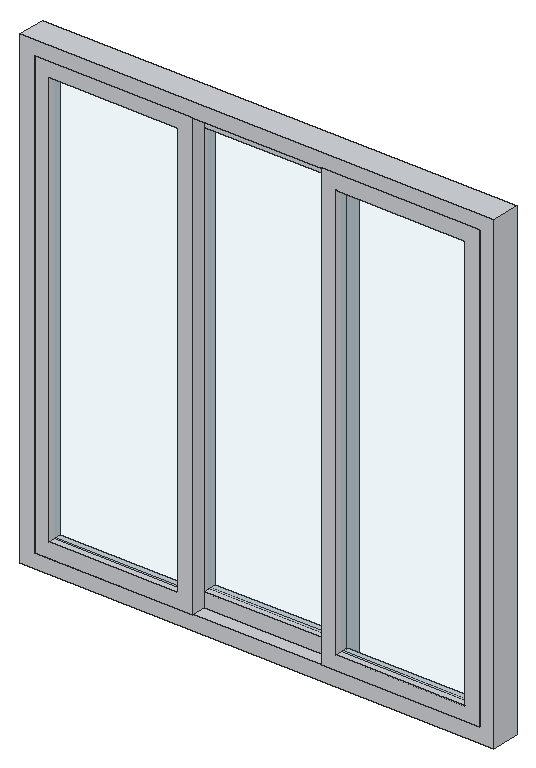
Revit family "DW2_落地鋁門窗", category 窗, Revit 2014
Parameters (values of type "200 x 200 cm")
  熱阻 (R) = 0.271106 (m²·K)/W
  Visual Light Transmittance = 0.9
  Solar Heat Gain Coefficient = 0.78
  營造類型 Id = "GSP4R"
  Height = 2000 mm
  傳熱係數 (U) = 3.6886 W/(m²·K)
  預設窗台高度 = 0 mm
  關鍵註記 = "固定窗-矩形"
  Rough Height = Height  # 2000 mm
  Rough Width = Width  # 2000 mm
  玻璃材質 = 玻璃
  牆封閉 = 依主體
  Width = 2000 mm
  裝飾外框材料 = none
  裝飾外框寬度 = 60 mm
  裝飾外框厚度 = 60 mm
  解析營造 = "1/8 英吋 Pilkington 單層鑲嵌玻璃"
Reference planes
  plane 1: y = 0
  plane 2 "中心 (左/右)": x = 0
  plane 3 "左": x = -1000
  plane 4 "右": x = 1000
  plane 5 "窗台": z = 0
  plane 6 "標頭": z = 2000
  plane 7 "外部": y = 75
  plane 8 "內部": y = -75
Forms (mm)
  Extrusion 1, solid, material <- "裝飾外框材料"
    sketch origin (-5000, 0, 0) x (1, 0, 0) y (0, 0, 1)
      loop
        line (6000, 2000) -> (4000, 2000) -> (4000, 0) -> (6000, 0) -> (6000, 2000)
      loop
        line (5940, 1940) -> (4060, 1940) -> (4060, 60) -> (5940, 60) -> (5940, 1940)
    from -60 to 60
Lines and regions (mm)
  Opening 1
    outline origin (3500, -75, 0) x (1, 0, 0) y (0, 0, 1)
      loop
        line (-2500, 0) -> (-2500, 2000) -> (-4500, 2000) -> (-4500, 0) -> (-2500, 0)
Text (mm)
  text "外部" at (-1963.203, 1332.353, 0), in view "參考樓層"
  text "內部" at (-1981.466, -818.386, 0), in view "參考樓層"
  text "外部" at (0, 923.751, 2943.296), in view "右"
  text "外部" at (0, 1040.484, 2685.409), in view "左"
Dimensions and locks
  equal spacing: plane 3 "左", plane 2 "中心 (左/右)", plane 4 "右"
  "Width": plane 3 "左" to plane 4 "右"
  "Height": plane 5 "窗台" to plane 6 "標頭"
  "預設窗台高度": plane 5 "窗台" to level
  locked: plane 7 "外部" to host wall at 0
  locked: plane 8 "內部" to host wall
  aligned and locked: nested 2 to Extrusion 1  (x2)
  aligned and locked: nested 3 to Extrusion 1  (x2)
  aligned and locked: nested 1 to Extrusion 1  (x2)
Automatic sketch dimensions
  Opening 1 sketch curve to plane 3 "左" = 0 mm
  Opening 1 sketch curve to plane 4 "右" = 0 mm
  Opening 1 sketch curve to plane 5 "窗台" = 0 mm
  Opening 1 sketch curve to plane 6 "標頭" = 0 mm
  Extrusion 1 sketch curve to level = 0 mm
  Extrusion 1 sketch curve to plane 6 "標頭" = 0 mm
  Extrusion 1 sketch curve to plane 3 "左" = 60 mm
  plane 4 "右" to Extrusion 1 sketch curve = 60 mm
  level to Extrusion 1 sketch curve = 60 mm
  plane 6 "標頭" to Extrusion 1 sketch curve = 60 mm
  plane 4 "右" to Extrusion 1 sketch curve = 0 mm
  plane 3 "左" to Extrusion 1 sketch curve = 0 mm
Nested families
  nested 1: "窗框" at (-873.928, 919.367, -940), type "窗框"
    with Height 1880 mm, Width 667 mm
  nested 2: "窗框" at (339.072, 919.367, -940), type "窗框"
    with Height 1880 mm, Width 667 mm
  nested 3: "窗框" at (-267.428, 979.367, -940), type "窗框"
    with Height 1880 mm, Width 667 mm
Definition of nested family "窗框"
  Parameters (values of type "窗框")
    Height [instance] = 500 mm
    護桿寬度 = 20 mm
    護桿厚度 = 10 mm
    Rough Height = 500 mm
    Rough Width = 600 mm
    Width [instance] = 600 mm
    裝飾外框材料 = none
    玻璃材質 = none
    玻璃厚度 = 10 mm
    裝飾外框寬度 = 60 mm
    裝飾外框厚度 = 60 mm
    Assembly Code = ""
  Reference planes
    plane 1 "中心 (前/後)": y = -919.367
    plane 2: z = 0
    plane 3 "中心 (左/右)": x = 267.428
    plane 4 "玻璃-上": y = -944.367
    plane 5 "玻璃-下": y = -954.367
    plane 6: y = -979.367
    plane 7: x = -32.572
    plane 8: x = 567.428
    plane 9: x = 27.428
    plane 10: x = 507.428
    plane 11: z = 1440
    plane 12: z = 1500
    plane 13: z = 1060
    plane 14: z = 1000
    plane 15: y = -949.367
  Forms (mm)
    Extrusion 1, solid, material <- "玻璃材質"
      sketch origin (-1499.274, -949.367, 1200) x (-1, 0, 0) y (0, 0, 1)
        loop
          line (-1526.702, 240) -> (-2006.702, 240) -> (-2006.702, -140) -> (-1526.702, -140) -> (-1526.702, 240)
      from -5 to 5
    Extrusion 2, solid, material <- "裝飾外框材料"
      sketch origin (-1499.274, -949.367, 1200) x (-1, 0, 0) y (0, 0, 1)
        loop
          line (-1466.702, 300) -> (-2066.702, 300) -> (-2066.702, -200) -> (-1466.702, -200) -> (-1466.702, 300)
        loop
          line (-1526.702, 240) -> (-2006.702, 240) -> (-2006.702, -140) -> (-1526.702, -140) -> (-1526.702, 240)
      from -30 to 30
  Dimensions and locks
    equal spacing: plane 10, plane 3 "中心 (左/右)", plane 9
    "裝飾外框寬度": plane 8 to plane 10
    "裝飾外框寬度": plane 9 to plane 7
    "裝飾外框寬度": plane 12 to plane 11
    "Width": plane 8 to plane 7
    "裝飾外框寬度": plane 13 to plane 14
    "Height": plane 12 to plane 14
    plane 14 to level = 1000 mm
    equal spacing: plane 4 "玻璃-上", plane 15, plane 5 "玻璃-下"
    "玻璃厚度": plane 4 "玻璃-上" to plane 5 "玻璃-下"
    equal spacing: plane 6, plane 15, plane 1 "中心 (前/後)"
    "裝飾外框厚度": plane 6 to plane 1 "中心 (前/後)"
    aligned and locked: Extrusion 1 sketch curve to plane 11
    aligned and locked: plane 9 to Extrusion 1 sketch curve
    aligned and locked: Extrusion 1 sketch curve to plane 10
    aligned and locked: plane 13 to Extrusion 1 sketch curve
    aligned and locked: plane 7 to Extrusion 2 sketch curve
    aligned and locked: Extrusion 2 sketch curve to plane 12
    aligned and locked: Extrusion 2 sketch curve to plane 8
    aligned and locked: plane 9 to Extrusion 2 sketch curve
    aligned and locked: plane 13 to Extrusion 2 sketch curve
    aligned and locked: Extrusion 2 sketch curve to plane 10
    aligned and locked: Extrusion 2 sketch curve to plane 11
    aligned and locked: Extrusion 2 sketch curve to plane 14
    aligned and locked: plane 2 to level
    aligned and locked: plane 6 to Extrusion 2
    aligned and locked: plane 1 "中心 (前/後)" to Extrusion 2
    aligned and locked: plane 5 "玻璃-下" to Extrusion 1
    aligned and locked: plane 4 "玻璃-上" to Extrusion 1
